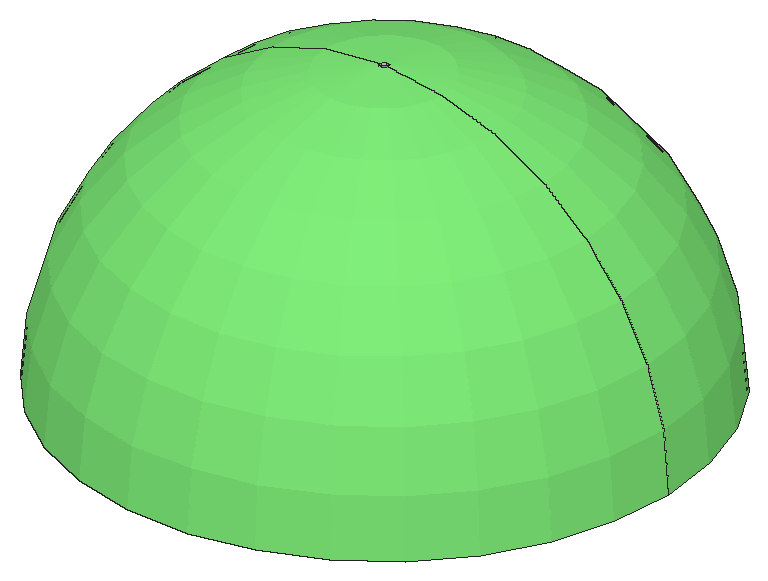
Revit family "HD36 SHADE", category Lighting Fixtures, Revit 2024
Family settings
  Round Connector Dimension = Use Diameter
  Part Type = Normal
  OmniClass Number = 23.80.70.00
  OmniClass Title = Lighting
  Work Plane-Based = No
  Always vertical = Yes
  Cut with Voids When Loaded = No
  Light Source = Yes
  Maintain Annotation Orientation = No
  Shared = No
  Room Calculation Point = No
Parameters
  Wattage = 12.1178 W
  built-in parameter 1150110 = 1 (stored number, unit not read)
  built-in parameter 1114217 = 1 (stored number, unit not read)
  built-in parameter 1150109 = 1 (stored number, unit not read)
  built-in parameter 1150134 = (empty or 0)
  built-in parameter 1150113 = 1 (stored number, unit not read)
  Lumens = 1800 lm
  built-in parameter 1150115 = 1 (stored number, unit not read)
  built-in parameter 1150105 = 572.96 (stored number, unit not read)
  Light Source Symbol Size = 2' - 0"
  built-in parameter 1150137 = (empty or 0)
  built-in parameter 1150139 = (empty or 0)
  built-in parameter 1150112 = 1 (stored number, unit not read)
  built-in parameter 1150114 = 1 (stored number, unit not read)
  built-in parameter 1150132 = 2
  built-in parameter 1150102 = (empty or 0)
  built-in parameter 1150138 = (empty or 0)
  built-in parameter 1150107 = 3000 (stored number, unit not read)
  built-in parameter 1150106 = 5.7296 (stored number, unit not read)
  built-in parameter 1150104 = 13.8 (stored number, unit not read)
  Dimming Lamp Color Temperature Shift = (empty or 0)
  Default Elevation = 0' - 0"
  Color Filter = 16777215
  built-in parameter 1114218 = 1 (stored number, unit not read)
  built-in parameter 1150133 = 10 (stored number, unit not read)
Reference planes (in)
  plane 1 "Light Source Axis (F/B)": y = 0
  plane 2: z = 0
  plane 3 "Light Source Axis (L/R)": x = 0
  plane 4 "Light Source Elevation": z = 54
Forms (in)
  Revolve 1, solid
    sketch origin (0, 0, 0) x (1, 0, 0) y (0, 0, 1)
      loop
        arc (-0.25, 71.99826) -> (-12.81601, 66.63922) -> (-18, 54) r 18
        line (-18, 54) -> (-17.90625, 54)
        arc (-17.90625, 54) -> (-12.74971, 66.57293) -> (-0.25, 71.9045) r 17.90625
        line (-0.25, 71.9045) -> (-0.25, 71.99826)
      axis (0, 71.99826) -> (0, 54)
    angle from 0 to 360
Dimensions and locks (in)
  aligned and locked: plane 3 "Light Source Axis (L/R)" to imposter light
  aligned and locked: plane 1 "Light Source Axis (F/B)" to imposter light
  aligned and locked: plane 4 "Light Source Elevation" to imposter light
  aligned and locked: level to plane 2
